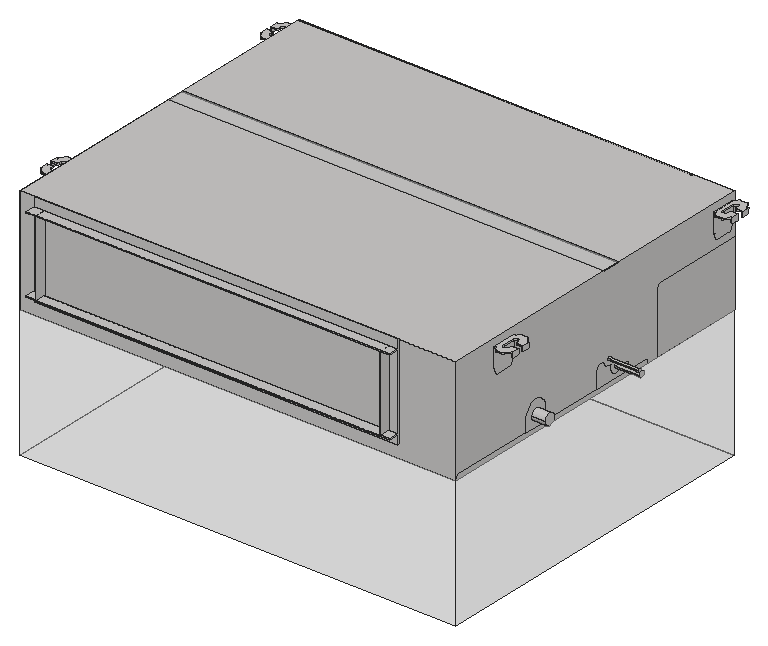
Revit family "outputfile", category 機械設備, Revit 2024
Family settings
  丸型コネクタ寸法 = 半径を使用
  パーツ タイプ = 標準
  OmniClass 番号 = 23.75.10.24.21.27.27
  OmniClass タイトル = Split System Air Conditioning Units
  作業面ベース = いいえ
  常に垂直 = はい
  ロード時にボイドで切り取り = いいえ
  注釈の向きを維持 = いいえ
  共有 = いいえ
  部屋計算ポイント = はい
Parameters (values of type "FDBF18EV2S")
  書き出し IFC クラス(タイプ) = "IfcUnitaryEquipmentType"
  定義済み IFC タイプ(タイプ) = "AIRCONDITIONINGUNIT"
  switch_frequency = yes
  ra duct size width = 0 mm
  ra duct size height [instance] = if(Rear Connection_Return Air, 203 mm, 204 mm)  # 203 mm
  lw_duct size width = 904 mm
  connector_voltage = Voltage_50Hz  # 220 V
  connector_powerinput = [Power Input (Cooling)]  # 1.680 kW
  connector_phase = Phase_50Hz  # 1
  RA_length [instance] = if(Rear Connection_Return Air, 126 mm, 125.5 mm)  # 126 mm
  angle_drainpipe [instance] = if(Right Connection_refrigerant, 90.00°, 270.00°)  # 90.00°
  angle_gaspipe [instance] = if(Right Connection_refrigerant, 90.00°, 270.00°)  # 90.00°
  angle_liquidpipe [instance] = if(Right Connection_refrigerant, 90.00°, 270.00°)  # 90.00°
  angle_Return Air [instance] = if(Rear Connection_Return Air, 90.00°, 0.00°)  # 90.00°
  Right Connection_refrigerant [instance] = yes
  Rear Connection_Return Air [instance] = not(Bottom Connection_Return Air)  # yes
  製造元 = "Daikin"
  モデル = "FDBF18EV2S"
  r_Liquid Pipe Size = Liquid Pipe Size / 2  # 3.2 mm
  r_Gas Pipe Size = Gas Pipe Size / 2  # 6.35 mm
  r_Drain Pipe Size = Drain Pipe Size / 2  # 12.5 mm
  lw_power = 60 mm  # constant formula
  lh_power = 30 mm  # constant formula
  ld_power = Depth / 2  # 400 mm
  Voltage_comment_50Hz = "220 - 240"
  Voltage_50Hz = 220 V
  Supply Air Direction [instance] = yes
  Phase_50Hz = 1
  Minimum External Static Pressure = 15.00 Pa
  Maximum External Static Pressure = 38.00 Pa
  Material_Casing = DAIKIN_GalvanizedSteel_Casing_indoorunit
  lw_mountinghole = 1038 mm
  lh_gaspipe = 22 mm  # constant formula
  lh_mountinghole = 230 mm  # constant formula
  lh_liquidpipe = 185 mm  # constant formula
  lh_drainpipe = 207 mm  # constant formula
  lh_antena = (Height - lh_mountinghole) + 1 mm  # 16 mm
  ld_drainpipe = 228 mm  # constant formula
  ld_liquidpipe = 438 mm  # constant formula
  ld_gaspipe = 22 mm  # constant formula
  ld_mountinghole = 0 mm
  h*** = 0 mm
  lw_liquidpipe = 571 mm
  lw_gaspipe = 558 mm
  lw_drainpipe = 533 mm
  Width = 1000 mm
  Version = "ver.1.0"
  Unit Type = "Duct"
  Unit Mass Weight = 36.00 kg
  Unit Designation [instance] = ""
  Uniclass2015Version = "Products v1.30"
  Uniclass2015Title = "Split coil room air conditioning units"
  Uniclass2015Code = "Pr_70_65_03_86"
  Total Cooling Capacity [instance] = 0.000 kW
  Sound Pressure Level_M speed (dBA) = 35
  Sound Pressure Level_L speed (dBA) = 33
  Sound Pressure Level_H speed (dBA) = 39
  Series = "SkyAir_Fan Coil Unit"
  Sensible Cooling Capacity [instance] = 0.000 kW
  SA Duct Size Width = 790 mm
  SA Duct Size Height = 174 mm
  Refrigerant Type = "R32"
  RA Duct Size Width = 863 mm
  RA Duct Size Height = 203 mm
  Power Input (Cooling) = 1.680 kW
  Option Accessory 3 [instance] = ""
  Option Accessory 2 [instance] = ""
  Option Accessory 1 [instance] = ""
  Nominal Cooling Capacity = 5.300 kW
  Minimum Airflow = 1050.00 m³/h
  Median Airflow = 1200.00 m³/h
  Maximum Airflow = 1350.00 m³/h
  Load Classification = HVAC
  Liquid Pipe Size = 6.4 mm
  Link_Nested Family [instance] = ""
  Left Connection_refrigerant [instance] = not(Right Connection_refrigerant)  # no
  IfcVersion = ""
  IfcExportType = "AIRCONDITIONINGUNIT"
  IfcExportAs = "IfcUnitaryEquipmentType"
  Height = 245 mm
  Heat Exchanger Type = "Cross Fin Coil"
  Gas Pipe Size = 12.7 mm
  Frequency_50Hz = 50 Hz
  Fan Type = "Sirocco Fan"
  Fan Drive = "Direct Drive"
  FCU Tag No. [instance] = ""
  Drain Pipe Size = 25.0 mm
  Design Supply Airflow [instance] = 0.00 m³/h
  Design Return Airflow [instance] = 0.00 m³/h
  Design External Static Pressure [instance] = 0.00 Pa
  Depth = 800 mm
  既定の高さ = 0 mm
  Cooling Entering Wet Bulb Temperature [instance] = 0.00 °C
  Cooling Entering Dry Bulb Temperature [instance] = 0.00 °C
  Cooling Ambient Wet Bulb Temperature [instance] = 0.00 °C
  Cooling Ambient Dry Bulb Temperature [instance] = 0.00 °C
  Clearance visibility [instance] = yes
  Clearance Top = 0 mm
  Clearance Right = 0 mm
  Clearance Rear = 0 mm
  Clearance Left = 0 mm
  Clearance Front = 0 mm
  Clearance Bottom = 300 mm
  Bottom Connection_Return Air [instance] = no
Reference planes
  plane 1 "Center (Front/Back)": y = 0
  plane 2 "h": z = 0
  plane 3 "Center (Left/Right)": x = 0
  plane 4 "Back": y = 400
  plane 5 "Front": y = -400
  plane 6 "Left": x = -500
  plane 7 "Right": x = 500
  plane 8 "Top": z = 0
  plane 9 "Bottom": z = -245
  plane 10: y = 400
  plane 11: y = -400
  plane 12: x = -500
  plane 13: x = 500
  plane 14: z = 0
  plane 15: z = -545
  plane 16: y = 364
  plane 17: y = -266
  plane 18: z = -15
  plane 19: x = -467
  plane 20: x = -558
  plane 21: x = 558
  plane 22: x = -571
  plane 23: x = 571
  plane 24: y = 38
  plane 25: y = 60
  plane 26: y = -172
  plane 27: z = -207
  plane 28: z = -207
  plane 29: z = -185
  plane 30: x = -533
  plane 31: x = 533
  plane 32: x = 404.5
  plane 33: x = -499.5
  plane 34: y = 151.5
  plane 35: z = -215
  plane 36: x = 440
  plane 37: x = -47.5
  plane 38: y = 274
  plane 39: z = -119.5
  plane 40: x = -519
  plane 41: x = 519
Forms (mm)
  Extrusion 1, solid, material "DAIKIN_GalvanizedSteel_Casing_indoorunit" <- "Material_Casing"
    sketch origin (0, 0, 0) x (1, 0, 0) y (0, 1, 0)
      loop
        line (-500, 400) -> (-500, -400) -> (500, -400) -> (500, 400) -> (-500, 400)
    from -245 to 0
  Extrusion 2, solid, material "DAIKIN_GalvanizedSteel_Casing_indoorunit" <- "Material_Casing", visible <- "Right Connection_refrigerant"
    sketch origin (500, 0, 0) x (0, 1, 0) y (0, 0, 1)
      loop
        circle (-172, -207) r 12.5
    from 0 to 33
  Extrusion 3, solid, material "DAIKIN_GalvanizedSteel_Casing_indoorunit" <- "Material_Casing", visible <- "Left Connection_refrigerant"
    sketch origin (-500, 0, 0) x (0, 1, 0) y (0, 0, 1)
      loop
        circle (-172, -207) r 12.5
    from 0 to -33
  Extrusion 4, solid, material "DAIKIN_GalvanizedSteel_Casing_indoorunit" <- "Material_Casing", visible <- "Right Connection_refrigerant"
    sketch origin (500, 0, 0) x (0, 1, 0) y (0, 0, 1)
      loop
        circle (38, -185) r 3.2
    from 0 to 71
  Extrusion 5, solid, material "DAIKIN_GalvanizedSteel_Casing_indoorunit" <- "Material_Casing", visible <- "Right Connection_refrigerant"
    sketch origin (500, 0, 0) x (0, 1, 0) y (0, 0, 1)
      loop
        circle (60, -207) r 6.35
    from 0 to 58
  Extrusion 6, solid, material "DAIKIN_GalvanizedSteel_Casing_indoorunit" <- "Material_Casing", visible <- "Left Connection_refrigerant"
    sketch origin (-500, 0, 0) x (0, 1, 0) y (0, 0, 1)
      loop
        circle (60, -207) r 6.35
    from 0 to -58
  Extrusion 7, solid, material "DAIKIN_GalvanizedSteel_Casing_indoorunit" <- "Material_Casing", visible <- "Left Connection_refrigerant"
    sketch origin (-500, 0, 0) x (0, 1, 0) y (0, 0, 1)
      loop
        circle (38, -185) r 3.2
    from 0 to -71
  Extrusion 8, solid, material "DAIKIN_GalvanizedSteel_Casing_indoorunit" <- "Material_Casing", visible <- "Right Connection_refrigerant"
    sketch origin (500, 0, 0) x (0, 1, 0) y (0, 0, 1)
      loop
        line (22.284, -188) -> (7.5, -188)
        arc (7.5, -188) -> (5.379, -188.879) -> (4.5, -191) r 3
        line (4.5, -191) -> (4.5, -232)
        arc (4.5, -232) -> (5.379, -234.121) -> (7.5, -235) r 3
        line (7.5, -235) -> (91, -235)
        arc (91, -235) -> (93.121, -234.121) -> (94, -232) r 3
        line (94, -232) -> (94, -220)
        arc (94, -220) -> (93.121, -217.879) -> (91, -217) r 3
        line (91, -217) -> (75.564, -217)
        arc (75.564, -217) -> (51.595, -223.481) -> (42.766, -200.274) r 18.5
        arc (42.766, -200.274) -> (29.776, -198.725) -> (22.284, -188) r 16
    from 0 to -1
  Extrusion 9, solid, material "DAIKIN_GalvanizedSteel_Casing_indoorunit" <- "Material_Casing", visible <- "Left Connection_refrigerant"
    sketch origin (-500, 0, 0) x (0, 1, 0) y (0, 0, 1)
      loop
        line (22.284, -188) -> (7.5, -188)
        arc (7.5, -188) -> (5.379, -188.879) -> (4.5, -191) r 3
        line (4.5, -191) -> (4.5, -232)
        arc (4.5, -232) -> (5.379, -234.121) -> (7.5, -235) r 3
        line (7.5, -235) -> (91, -235)
        arc (91, -235) -> (93.121, -234.121) -> (94, -232) r 3
        line (94, -232) -> (94, -220)
        arc (94, -220) -> (93.121, -217.879) -> (91, -217) r 3
        line (91, -217) -> (75.564, -217)
        arc (75.564, -217) -> (51.595, -223.481) -> (42.766, -200.274) r 18.5
        arc (42.766, -200.274) -> (29.776, -198.725) -> (22.284, -188) r 16
    from 0 to 1
  Extrusion 10, solid, material "DAIKIN_GalvanizedSteel_Casing_indoorunit" <- "Material_Casing", visible <- "Right Connection_refrigerant"
    sketch origin (500, 0, 0) x (0, 1, 0) y (0, 0, 1)
      loop
        line (-199.5, -235) -> (-144.5, -235) -> (-144.5, -204.7)
        arc (-144.5, -204.7) -> (-152.555, -185.255) -> (-172, -177.2) r 27.5
        arc (-172, -177.2) -> (-191.445, -185.255) -> (-199.5, -204.7) r 27.5
        line (-199.5, -204.7) -> (-199.5, -235)
    from 0 to -1
  Extrusion 11, solid, material "DAIKIN_GalvanizedSteel_Casing_indoorunit" <- "Material_Casing", visible <- "Left Connection_refrigerant"
    sketch origin (-500, 0, 0) x (0, 1, 0) y (0, 0, 1)
      loop
        line (-199.5, -235) -> (-144.5, -235) -> (-144.5, -204.7)
        arc (-144.5, -204.7) -> (-152.555, -185.255) -> (-172, -177.2) r 27.5
        arc (-172, -177.2) -> (-191.445, -185.255) -> (-199.5, -204.7) r 27.5
        line (-199.5, -204.7) -> (-199.5, -235)
    from 0 to 1
  Extrusion 12, solid, material "DAIKIN_GalvanizedSteel_Casing_indoorunit" <- "Material_Casing", visible <- "Right Connection_refrigerant"
    sketch origin (500, 0, 0) x (0, 1, 0) y (0, 0, 1)
      loop
        line (400, -245) -> (400, -95.5) -> (182, -95.5)
        arc (182, -95.5) -> (179.879, -96.379) -> (179, -98.5) r 3
        line (179, -98.5) -> (179, -245) -> (400, -245)
    from 0 to -1
  Extrusion 13, solid, material "DAIKIN_GalvanizedSteel_Casing_indoorunit" <- "Material_Casing", visible <- "Bottom Connection_Return Air"
    sketch origin (0, 400, 0) x (-1, 0, 0) y (0, 0, 1)
      loop
        line (-404.5, 0) -> (-404.5, -245) -> (499.5, -245) -> (499.5, 0) -> (-404.5, 0)
    from 0 to -1
  Extrusion 14, solid, material "DAIKIN_GalvanizedSteel_Casing_indoorunit" <- "Material_Casing", visible <- "Rear Connection_Return Air"
    sketch origin (0, 0, -245) x (-1, 0, 0) y (0, -1, 0)
      loop
        line (499.5, -400) -> (499.5, -151.5) -> (-404.5, -151.5) -> (-404.5, -400) -> (499.5, -400)
    from 0 to 1
  Extrusion 15, solid, material "DAIKIN_GalvanizedSteel_Casing_indoorunit" <- "Material_Casing", visible <- "Right Connection_refrigerant"
    sketch origin (500, 0, 0) x (0, 1, 0) y (0, 0, 1)
      loop
        arc (-397, -235) -> (-399.121, -235.879) -> (-400, -238) r 3
        line (-400, -238) -> (-400, -245) -> (147.5, -245) -> (147.5, -238)
        arc (147.5, -238) -> (146.621, -235.879) -> (144.5, -235) r 3
        line (144.5, -235) -> (-397, -235)
    from 0 to -1
  Extrusion 16, solid, material "DAIKIN_GalvanizedSteel_Casing_indoorunit" <- "Material_Casing", visible <- "Left Connection_refrigerant"
    sketch origin (-500, 0, 0) x (0, 1, 0) y (0, 0, 1)
      loop
        arc (-397, -235) -> (-399.121, -235.879) -> (-400, -238) r 3
        line (-400, -238) -> (-400, -245) -> (147.5, -245) -> (147.5, -238)
        arc (147.5, -238) -> (146.621, -235.879) -> (144.5, -235) r 3
        line (144.5, -235) -> (-397, -235)
    from 0 to 1
  Extrusion 17, solid, material "DAIKIN_GalvanizedSteel_Casing_indoorunit" <- "Material_Casing", visible <- "Left Connection_refrigerant"
    sketch origin (-500, 0, 0) x (0, 1, 0) y (0, 0, 1)
      loop
        line (400, -245) -> (400, -95.5) -> (182, -95.5)
        arc (182, -95.5) -> (179.879, -96.379) -> (179, -98.5) r 3
        line (179, -98.5) -> (179, -245) -> (400, -245)
    from 0 to 1
  Extrusion 18, void
    sketch origin (0, 0, 0) x (-1, 0, 0) y (0, -1, 0)
      loop
        line (500, -66.5) -> (500, -25) -> (-500, -25) -> (-500, -66.5) -> (500, -66.5)
    from 0 to -1
Cuts and joins
  Extrusion 18 cuts Extrusion 1
Dimensions and locks
  "Height": plane 8 "Top" to plane 9 "Bottom"
  equal spacing: plane 4 "Back", plane 1 "Center (Front/Back)", plane 5 "Front"
  "Depth": plane 4 "Back" to plane 5 "Front"
  equal spacing: plane 6 "Left", plane 3 "Center (Left/Right)", plane 7 "Right"
  "Width": plane 6 "Left" to plane 7 "Right"
  "Clearance Left": plane 12 to plane 6 "Left"
  "Clearance Right": plane 7 "Right" to plane 13
  "Clearance Rear": plane 10 to plane 4 "Back"
  "Clearance Front": plane 5 "Front" to plane 11
  "Clearance Top": plane 14 to plane 8 "Top"
  "Clearance Bottom": plane 9 "Bottom" to plane 15
  locked: plane 4 "Back" to plane 16 at 36
  locked: plane 17 to plane 5 "Front" at 134
  locked: plane 6 "Left" to plane 19 at 33
  "ld_liquidpipe": plane 24 to plane 5 "Front"
  "ld_drainpipe": plane 26 to plane 5 "Front"
  "ld_gaspipe": plane 25 to plane 24
  "lh_drainpipe": plane 8 "Top" to plane 28
  "lh_liquidpipe": plane 8 "Top" to plane 29
  "lh_gaspipe": plane 29 to plane 27
  locked: plane 7 "Right" to plane 32 at 95.5
  locked: plane 33 to plane 6 "Left" at 0.5
  locked: plane 4 "Back" to plane 34 at 248.5
  "lw_drainpipe": plane 3 "Center (Left/Right)" to plane 31
  "lw_drainpipe": plane 30 to plane 3 "Center (Left/Right)"
  "lw_gaspipe": plane 3 "Center (Left/Right)" to plane 21
  "lw_gaspipe": plane 20 to plane 3 "Center (Left/Right)"
  "lw_liquidpipe": plane 3 "Center (Left/Right)" to plane 23
  "lw_liquidpipe": plane 22 to plane 3 "Center (Left/Right)"
  "lw_power": plane 7 "Right" to plane 36
  "lh_power": plane 9 "Bottom" to plane 35
  equal spacing: plane 33, plane 37, plane 32
  locked: plane 4 "Back" to plane 38 at 126
  locked: plane 9 "Bottom" to plane 39 at 125.5
  equal spacing: plane 40, plane 3 "Center (Left/Right)", plane 41
  "lw_mountinghole": plane 40 to plane 41
  "lh_mountinghole": plane 18 to plane 9 "Bottom"
  locked: Extrusion 18 sketch curve to Extrusion 18 sketch curve at 41.5
  locked: plane 1 "Center (Front/Back)" to Extrusion 18 sketch curve at 25
  "r_Drain Pipe Size": radius of Extrusion 2 sketch curve
  "r_Drain Pipe Size": radius of Extrusion 3 sketch curve
  "r_Liquid Pipe Size": radius of Extrusion 4 sketch curve
  "r_Gas Pipe Size": radius of Extrusion 5 sketch curve
  "r_Gas Pipe Size": radius of Extrusion 6 sketch curve
  "r_Liquid Pipe Size": radius of Extrusion 7 sketch curve
  aligned and locked: level to plane 2 "h"
  aligned and locked: plane 8 "Top" to Extrusion 1
  aligned and locked: Extrusion 1 to plane 9 "Bottom"
  aligned and locked: nested 2 to plane 11
  aligned and locked: plane 12 to nested 2
  aligned and locked: plane 13 to nested 2
  aligned and locked: nested 2 to plane 12
  aligned and locked: plane 10 to nested 2
  aligned and locked: plane 14 to nested 2
  aligned and locked: plane 15 to nested 2
  aligned and locked: plane 5 "Front" to Extrusion 1 sketch curve
  aligned and locked: level to plane 8 "Top"
  aligned and locked: nested 3 to plane 6 "Left"
  aligned and locked: nested 6 to plane 6 "Left"
  aligned and locked: plane 7 "Right" to nested 5
  aligned and locked: plane 7 "Right" to nested 4
  aligned and locked: nested 3 to plane 16
  aligned and locked: plane 16 to nested 4
  aligned and locked: plane 17 to nested 6
  aligned and locked: nested 5 to plane 17
  aligned and locked: plane 18 to nested 3
  aligned and locked: plane 18 to nested 6
  aligned and locked: plane 18 to nested 4
  aligned and locked: plane 18 to nested 5
  aligned and locked: nested 7 to plane 5 "Front"
  aligned and locked: nested 7 to plane 19
  aligned and locked: plane 28 to Extrusion 2 sketch curve
  aligned and locked: plane 26 to Extrusion 2 sketch curve
  aligned and locked: plane 31 to Extrusion 2
  aligned and locked: plane 28 to Extrusion 3 sketch curve
  aligned and locked: plane 26 to Extrusion 3 sketch curve
  aligned and locked: Extrusion 3 to plane 30
  aligned and locked: plane 29 to Extrusion 4 sketch curve
  aligned and locked: plane 24 to Extrusion 4 sketch curve
  aligned and locked: plane 23 to Extrusion 4
  aligned and locked: plane 28 to Extrusion 5 sketch curve
  aligned and locked: plane 25 to Extrusion 5 sketch curve
  aligned and locked: plane 21 to Extrusion 5
  aligned and locked: plane 28 to Extrusion 6 sketch curve
  aligned and locked: plane 25 to Extrusion 6 sketch curve
  aligned and locked: Extrusion 6 to plane 20
  aligned and locked: plane 29 to Extrusion 7 sketch curve
  aligned and locked: plane 24 to Extrusion 7 sketch curve
  aligned and locked: Extrusion 7 to plane 22
  aligned and locked: Extrusion 13 to plane 33
  aligned and locked: plane 32 to Extrusion 13
  aligned and locked: plane 8 "Top" to Extrusion 13
  aligned and locked: Extrusion 13 to plane 9 "Bottom"
  aligned and locked: Extrusion 14 to plane 33
  aligned and locked: plane 32 to Extrusion 14
  aligned and locked: Extrusion 14 to plane 34
  aligned and locked: plane 4 "Back" to Extrusion 14
  aligned and locked: nested 8 to plane 4 "Back"
  aligned and locked: nested 8 to plane 33
  aligned and locked: plane 8 "Top" to nested 8
  aligned and locked: nested 9 to plane 34
  aligned and locked: plane 4 "Back" to nested 9
  aligned and locked: plane 32 to nested 9
  aligned and locked: nested 9 to plane 9 "Bottom"
  aligned and locked: nested 10 to plane 26
  aligned and locked: plane 3 "Center (Left/Right)" to nested 10
  aligned and locked: nested 10 to plane 28
  aligned and locked: nested 11 to plane 24
  aligned and locked: plane 3 "Center (Left/Right)" to nested 11
  aligned and locked: nested 11 to plane 29
  aligned and locked: nested 12 to plane 25
  aligned and locked: plane 3 "Center (Left/Right)" to nested 12
  aligned and locked: nested 12 to plane 28
  aligned and locked: nested 13 to plane 35
  aligned and locked: nested 13 to plane 36
  aligned and locked: nested 13 to plane 1 "Center (Front/Back)"
  aligned and locked: plane 37 to nested 14
  aligned and locked: nested 14 to plane 38
  aligned and locked: plane 38 to nested 14  (x2)
  aligned and locked: plane 40 to nested 15
  aligned and locked: plane 17 to nested 15
  aligned and locked: plane 40 to nested 16
  aligned and locked: nested 16 to plane 16
  aligned and locked: plane 41 to nested 18
  aligned and locked: plane 17 to nested 18
  aligned and locked: plane 41 to nested 17
  aligned and locked: nested 17 to plane 16
  aligned and locked: plane 1 "Center (Front/Back)" to nested 1
  aligned and locked: plane 3 "Center (Left/Right)" to nested 1
  aligned and locked: plane 6 "Left" to Extrusion 18 sketch curve
  aligned and locked: Extrusion 18 sketch curve to plane 7 "Right"
  aligned and locked: plane 8 "Top" to nested 7
Automatic sketch dimensions
  Extrusion 1 sketch curve to plane 6 "Left" = 0 mm
  Extrusion 1 sketch curve to plane 7 "Right" = 0 mm
  Extrusion 1 sketch curve to plane 4 "Back" = 0 mm
  Extrusion 8 sketch curve to plane 24 = 0 mm
  Extrusion 8 sketch curve to plane 25 = 0 mm
  Extrusion 8 sketch curve to plane 27 = 0 mm
  Extrusion 8 sketch curve to plane 29 = 0 mm
  Extrusion 8 sketch curve to plane 29 = 3 mm
  Extrusion 8 sketch curve to plane 24 = 15.716 mm
  Extrusion 8 sketch curve to plane 1 "Center (Front/Back)" = 7.5 mm  (x2)
  Extrusion 8 sketch curve to Extrusion 8 sketch curve = 3 mm
  Extrusion 8 sketch curve to plane 35 = 2 mm
  plane 25 to Extrusion 8 sketch curve = 15.564 mm
  plane 9 "Bottom" to Extrusion 8 sketch curve = 10 mm
  Extrusion 8 sketch curve to Extrusion 8 sketch curve = 15.436 mm
  Extrusion 8 sketch curve to plane 35 = 5 mm
  Extrusion 8 sketch curve to Extrusion 8 sketch curve = 0 mm
  Extrusion 9 sketch curve to plane 24 = 0 mm
  Extrusion 9 sketch curve to plane 25 = 0 mm
  Extrusion 9 sketch curve to plane 27 = 0 mm
  Extrusion 9 sketch curve to plane 29 = 0 mm
  Extrusion 9 sketch curve to plane 29 = 3 mm
  Extrusion 9 sketch curve to plane 24 = 15.716 mm
  Extrusion 9 sketch curve to plane 1 "Center (Front/Back)" = 7.5 mm  (x2)
  Extrusion 9 sketch curve to Extrusion 9 sketch curve = 3 mm
  Extrusion 9 sketch curve to plane 35 = 2 mm
  plane 25 to Extrusion 9 sketch curve = 15.564 mm
  plane 9 "Bottom" to Extrusion 9 sketch curve = 10 mm
  Extrusion 9 sketch curve to Extrusion 9 sketch curve = 15.436 mm
  Extrusion 9 sketch curve to plane 35 = 5 mm
  Extrusion 9 sketch curve to Extrusion 9 sketch curve = 0 mm
  Extrusion 10 sketch curve to Extrusion 10 sketch curve = 0 mm  (x2)
  Extrusion 10 sketch curve to plane 26 = 0 mm
  plane 9 "Bottom" to Extrusion 10 sketch curve = 10 mm
  Extrusion 10 sketch curve to plane 26 = 27.5 mm
  plane 27 to Extrusion 10 sketch curve = 2.3 mm
  Extrusion 11 sketch curve to Extrusion 11 sketch curve = 0 mm  (x2)
  Extrusion 11 sketch curve to plane 26 = 0 mm
  plane 9 "Bottom" to Extrusion 11 sketch curve = 10 mm
  Extrusion 11 sketch curve to plane 26 = 27.5 mm
  plane 27 to Extrusion 11 sketch curve = 2.3 mm
  Extrusion 12 sketch curve to plane 9 "Bottom" = 0 mm
  Extrusion 12 sketch curve to plane 4 "Back" = 0 mm
  plane 34 to Extrusion 12 sketch curve = 30.5 mm
  Extrusion 12 sketch curve to Extrusion 12 sketch curve = 3 mm
  plane 39 to Extrusion 12 sketch curve = 21 mm
  Extrusion 13 sketch curve to plane 9 "Bottom" = 0 mm
  Extrusion 13 sketch curve to plane 32 = 0 mm
  Extrusion 13 sketch curve to plane 33 = 0 mm
  Extrusion 13 sketch curve to level = 0 mm
  Extrusion 14 sketch curve to plane 4 "Back" = 0 mm
  Extrusion 14 sketch curve to plane 32 = 0 mm
  Extrusion 14 sketch curve to plane 33 = 0 mm
  Extrusion 14 sketch curve to plane 34 = 0 mm
  Extrusion 15 sketch curve to plane 5 "Front" = 0 mm
  Extrusion 15 sketch curve to plane 9 "Bottom" = 0 mm
  Extrusion 15 sketch curve to Extrusion 15 sketch curve = 3 mm
  Extrusion 15 sketch curve to plane 34 = 7 mm
  Extrusion 15 sketch curve to plane 34 = 4 mm
  Extrusion 15 sketch curve to Extrusion 15 sketch curve = 7 mm
  Extrusion 16 sketch curve to plane 5 "Front" = 0 mm
  Extrusion 16 sketch curve to plane 9 "Bottom" = 0 mm
  Extrusion 16 sketch curve to Extrusion 16 sketch curve = 3 mm
  Extrusion 16 sketch curve to plane 34 = 7 mm
  Extrusion 16 sketch curve to plane 34 = 4 mm
  plane 9 "Bottom" to Extrusion 16 sketch curve = 7 mm
  Extrusion 17 sketch curve to plane 9 "Bottom" = 0 mm
  Extrusion 17 sketch curve to plane 4 "Back" = 0 mm
  plane 34 to Extrusion 17 sketch curve = 30.5 mm
  Extrusion 17 sketch curve to Extrusion 17 sketch curve = 3 mm
  plane 39 to Extrusion 17 sketch curve = 21 mm
Nested families
  nested 1: "daikin_△_symbolicline" at (0, 0, 245), built-in parameter 1001364 <- "Height", visible <- "Supply Air Direction", type "daikin_△_symbolicline"
    with length 200 mm
  nested 2: "daikin_clearancespace" at (0, 0, -272.381), visible <- "Clearance visibility", show <- "Clearance visibility", Link_Nested Family <- "Link_Nested Family", type "daikin_clearancespace"
    with width 1000 mm, show yes, height 545 mm, depth 800 mm, Link_Nested Family ""
  nested 3: "daikin_hangerfixture_FDBF-EV2S" at (-500, 364, -15) x (0, -1, 0) z (0, 0, 1), type "daikin_hangerfixture_FDBF-EV2S"
  nested 4: "daikin_hangerfixture_FDBF-EV2S" at (500, 364, -15) x (0, 1, 0) z (0, 0, 1), type "daikin_hangerfixture_FDBF-EV2S"
  nested 5: "daikin_hangerfixture_FDBF-EV2S" at (500, -266, -15) x (0, 1, 0) z (0, 0, 1), type "daikin_hangerfixture_FDBF-EV2S"
  nested 6: "daikin_hangerfixture_FDBF-EV2S" at (-500, -266, -15) x (0, -1, 0) z (0, 0, 1), type "daikin_hangerfixture_FDBF-EV2S"
  nested 7: "daikin_ductflange_FDBF-EV2S_2" at (-49.5, -400, -108), type "daikin_ductflange_FDBF-EV2S_2"
    with width 835 mm, w 1000 mm
  nested 8: "daikin_ductflange_FDBF-EV2S" at (-47.5, 400, -122.5), width <- "lw_duct size width", visible <- "Rear Connection_Return Air", material <- "Material_Casing", type "daikin_ductflange_FDBF-EV2S"
    with width 904 mm, material DAIKIN_GalvanizedSteel_Casing_indoorunit, height 245 mm, depth 1 mm
  nested 9: "daikin_ductflange_FDBF-EV2S_1" at (-47.5, 275.75, -244) x (1, 0, 0) z (0, -1, 0), width <- "lw_duct size width", visible <- "Bottom Connection_Return Air", material <- "Material_Casing", type "daikin_ductflange_FDBF-EV2S_1"
    with width 904 mm, material DAIKIN_GalvanizedSteel_Casing_indoorunit, height 248.5 mm, depth 1 mm
  nested 10: "daikin_connector_rotate3" at (0, -172, -207), length <- "lw_drainpipe", radius <- "r_Drain Pipe Size", angle_vertical <- "angle_drainpipe", type "daikin_connector_rotate3"
    with show no, radius 12.5 mm, length 533 mm, angle_vertical 90.00°, angle_horizontal 90.00°
  nested 11: "daikin_connector_rotate3" at (0, 38, -185), length <- "lw_liquidpipe", radius <- "r_Liquid Pipe Size", angle_vertical <- "angle_liquidpipe", type "daikin_connector_rotate3"
    with show no, radius 3.2 mm, length 571 mm, angle_vertical 90.00°, angle_horizontal 90.00°
  nested 12: "daikin_connector_rotate3" at (0, 60, -207), length <- "lw_gaspipe", radius <- "r_Gas Pipe Size", angle_vertical <- "angle_gaspipe", type "daikin_connector_rotate3"
    with show no, radius 6.35 mm, length 558 mm, angle_vertical 90.00°, angle_horizontal 90.00°
  nested 13: "daikin_connector_rotate2" at (440, 0, -215) x (-1, 0, 0) z (0, 0, 1), length <- "ld_power", type "daikin_connector_rotate2"
    with radius 10 mm, length 400 mm, angle_vertical 90.00°
  nested 14: "daikin_connector_rotate3" at (-47.5, 274, -119.5), angle_vertical <- "angle_Return Air", length <- "RA_length", type "daikin_connector_rotate3"
    with show no, radius 10 mm, length 126 mm, angle_vertical 90.00°, angle_horizontal 180.00°
  nested 15: "daikin_mountinghole" at (-519, -266, -245), h_mountinghole <- "lh_mountinghole", l_antenna <- "lh_antena", Link_Nested Family <- "Link_Nested Family", type "daikin_mountinghole"
    with show yes, l_antenna 16 mm, h_mountinghole 230 mm, Link_Nested Family ""
  nested 16: "daikin_mountinghole" at (-519, 364, -245), h_mountinghole <- "lh_mountinghole", l_antenna <- "lh_antena", Link_Nested Family <- "Link_Nested Family", type "daikin_mountinghole"
    with show yes, l_antenna 16 mm, h_mountinghole 230 mm, Link_Nested Family ""
  nested 17: "daikin_mountinghole" at (519, 364, -245), h_mountinghole <- "lh_mountinghole", l_antenna <- "lh_antena", type "daikin_mountinghole"
    with show yes, l_antenna 16 mm, h_mountinghole 230 mm, Link_Nested Family ""
  nested 18: "daikin_mountinghole" at (519, -266, -245), h_mountinghole <- "lh_mountinghole", l_antenna <- "lh_antena", type "daikin_mountinghole"
    with show yes, l_antenna 16 mm, h_mountinghole 230 mm, Link_Nested Family ""
Connectors
  hvac at (-49.5, -425, -108), driven by "SA Duct Size Height", driven by "SA Duct Size Width"
    settings: on nested 7, index 1, duct flow 0.00 m³/h, flow factor 0, pres drop 0.00 Pa, loss coef 0, conn angle 0.00°, conn width 790.0 mm, conn height 174.0 mm, conn diameter 609.6 mm, duct sys type 1, conn prof type 1, flow config 0, flow direction 2, loss method 4, conn ref index -1, conn util no, is conn primary yes, conn desc "SA Duct"
  piping at (558, 60, -207), diameter 12.7, driven by "r_Gas Pipe Size"
    settings: on nested 12, index 4, connector inside diameter 609.6 mm, connector length 0 mm, flow factor 0, pipe flow 0.00 m³/h, pressure drop 0.0 Pa, fitting loss kfactor 0, connector angle 0.00°, fixture units 0, engagement length 0 mm, angle of deflection 0.00°, flow configuration 1, flow direction 2, fitting loss method 0, system type 29, joint type 0, gender type 0, connector reference index -1, connector utility 0, adjustable connector no, is connector primary yes, connector description "Refrigerant Gas Piping"
  piping at (571, 38, -185), diameter 6.4, driven by "r_Liquid Pipe Size"
    settings: on nested 11, index 5, connector inside diameter 609.6 mm, connector length 0 mm, flow factor 0, pipe flow 0.00 m³/h, pressure drop 0.0 Pa, fitting loss kfactor 0, connector angle 0.00°, fixture units 0, engagement length 0 mm, angle of deflection 0.00°, flow configuration 1, flow direction 1, fitting loss method 0, system type 29, joint type 0, gender type 0, connector reference index -1, connector utility 0, adjustable connector no, is connector primary no, connector description "Refrigerant Liquid Piping"
  piping at (533, -172, -207), diameter 25, driven by "r_Drain Pipe Size"
    settings: on nested 10, index 6, connector inside diameter 609.6 mm, connector length 0 mm, flow factor 0, pipe flow 0.00 m³/h, pressure drop 0.0 Pa, fitting loss kfactor 0, connector angle 0.00°, fixture units 0, engagement length 0 mm, angle of deflection 0.00°, flow configuration 1, flow direction 2, fitting loss method 4, system type 16, joint type 0, gender type 0, connector reference index -1, connector utility 0, adjustable connector no, is connector primary no, connector description "Condensate Drain Piping"
  hvac at (-47.5, 400, -119.5), driven by "ra duct size height", driven by "RA Duct Size Width"
    settings: on nested 14, index 7, duct flow 0.00 m³/h, flow factor 0, pres drop 0.00 Pa, loss coef 0, conn angle 0.00°, conn width 863.0 mm, conn height 203.0 mm, conn diameter 609.6 mm, duct sys type 2, conn prof type 1, flow config 0, flow direction 1, loss method 4, conn ref index -1, conn util no, is conn primary no, conn desc "RA Duct"
  electrical at (440, 400, -215), driven by "Load Classification", driven by "connector_powerinput", driven by "connector_voltage", driven by "connector_phase"
    settings: on nested 13, index 8, voltage 220 V, apparent load 1680 VA, apparent load phase1 0 VA, apparent load phase2 0 VA, apparent load phase3 0 VA, power factor 1, load classification "HVAC", number of poles 1, system type 30, power factor state 1, is connector primary yes, connector utility no, sub classification motor no, connector description "Power Supply"
Definition of nested family "daikin_clearancespace"
  Parameters (values of type "daikin_clearancespace")
    Description = "daikin_clearancespace"
    width [instance] = 1823.963 mm
    show [instance] = yes
    material = none
    height [instance] = 1359.762 mm
    depth [instance] = 880 mm
    Default Elevation = 0 mm
    Link_Nested Family [instance] = ""
  Reference planes
    plane 1 "Center (Front/Back)": y = 0
    plane 2 "Center (Elevation)": z = -0.119
    plane 3 "Center (Left/Right)": x = 0
    plane 4: y = 440
    plane 5: y = -440
    plane 6 "Right": x = 911.982
    plane 7 "Left": x = -911.982
    plane 8 "Top": z = 679.762
    plane 9 "Bottom": z = -680
  Forms (mm)
    Extrusion 1, solid, material <- "material", visible <- "show"
      sketch origin (0, 0, 0) x (1, 0, 0) y (0, 1, 0)
        loop
          line (-911.982, 440) -> (-911.982, -440) -> (911.982, -440) -> (911.982, 440) -> (-911.982, 440)
      from -680 to 679.762
  Lines and regions (mm)
    symbolic lines, visible <- "show"
      curve 1: line (911.982, 440, 0) -> (-911.982, 440, 0)
      curve 2: line (-911.982, 440, 0) -> (-911.982, -440, 0)
      curve 3: line (-911.982, -440, 0) -> (911.982, -440, 0)
      curve 4: line (911.982, -440, 0) -> (911.982, 440, 0)
      curve 5: line (911.982, 0, 679.762) -> (-911.982, 0, 679.762)
      curve 6: line (911.982, 0, -680) -> (911.982, 0, 679.762)
      curve 7: line (-911.982, 0, -680) -> (911.982, 0, -680)
      curve 8: line (-911.982, 0, 679.762) -> (-911.982, 0, -680)
      curve 9: line (0, 440, 679.762) -> (0, -440, 679.762)
      curve 10: line (0, -440, 679.762) -> (0, -440, -680)
      curve 11: line (0, 440, -680) -> (0, 440, 679.762)
      curve 12: line (0, -440, -680) -> (0, 440, -680)
  Dimensions and locks
    "width": plane 7 "Left" to plane 6 "Right"
    "depth": plane 4 to plane 5
    "height": plane 8 "Top" to plane 9 "Bottom"
    equal spacing: plane 7 "Left", plane 3 "Center (Left/Right)", plane 6 "Right"
    equal spacing: plane 4, plane 1 "Center (Front/Back)", plane 5
    equal spacing: plane 8 "Top", plane 2 "Center (Elevation)", plane 9 "Bottom"
    aligned and locked: level to plane 2 "Center (Elevation)"
    aligned and locked: Extrusion 1 sketch curve to plane 4
    aligned and locked: plane 7 "Left" to Extrusion 1 sketch curve
    aligned and locked: Extrusion 1 sketch curve to plane 5
    aligned and locked: Extrusion 1 sketch curve to plane 6 "Right"
    aligned and locked: plane 8 "Top" to Extrusion 1
    aligned and locked: curve 1 to Extrusion 1
    aligned and locked: curve 2 to Extrusion 1
    aligned and locked: curve 3 to Extrusion 1
    aligned and locked: curve 4 to Extrusion 1
    aligned and locked: curve 5 to Extrusion 1
    aligned and locked: curve 6 to Extrusion 1
    aligned and locked: curve 7 to Extrusion 1
    aligned and locked: curve 8 to Extrusion 1
    aligned and locked: curve 9 to Extrusion 1
    aligned and locked: curve 10 to Extrusion 1
    aligned and locked: curve 11 to Extrusion 1
    aligned and locked: curve 12 to Extrusion 1
    aligned and locked: Extrusion 1 to plane 9 "Bottom"
Definition of nested family "daikin_hangerfixture_FDBF-EV2S"
  Parameters (values of type "daikin_hangerfixture_FDBF-DV2S")
    width = 72 mm
    material = none
    height = 60 mm
    depth = 41 mm
    Default Elevation = 0 mm
  Reference planes
    plane 1 "Center (Front/Back)": y = 0
    plane 2: z = 0
    plane 3 "Center (Left/Right)": x = 0
    plane 4: y = 417.146
    plane 5: y = -41
    plane 6: x = -36
    plane 7: x = 36
    plane 8: z = -2.3
    plane 9: z = -60
    plane 10: y = -2.3
    plane 11: z = -12
    plane 12: y = -38.7
  Forms (mm)
    Extrusion 1, solid, material <- "material"
      sketch origin (0, 0, 0) x (1, 0, 0) y (0, 1, 0)
        loop
          line (-28, 0) -> (-28, -5)
          arc (-28, -5) -> (-29.127, -8.162) -> (-32, -9.899) r 5
          arc (-32, -9.899) -> (-34.873, -11.636) -> (-36, -14.798) r 5
          line (-36, -14.798) -> (-36, -27.178)
          arc (-36, -27.178) -> (-35.429, -29.499) -> (-33.846, -31.289) r 5
          line (-33.846, -31.289) -> (-23, -38.798) -> (-23, -41.3) -> (-6.5, -41.3) -> (-6.5, -28.498)
          arc (-6.5, -28.498) -> (-7.379, -26.377) -> (-9.5, -25.498) r 3
          line (-9.5, -25.498) -> (-13.5, -25.498)
          arc (-13.5, -25.498) -> (-20, -18.998) -> (-13.5, -12.498) r 6.5
          line (-13.5, -12.498) -> (13.5, -12.498)
          arc (13.5, -12.498) -> (20, -18.998) -> (13.5, -25.498) r 6.5
          line (13.5, -25.498) -> (9.5, -25.498)
          arc (9.5, -25.498) -> (7.379, -26.377) -> (6.5, -28.498) r 3
          line (6.5, -28.498) -> (6.5, -41.3) -> (23, -41.3) -> (23, -38.798) -> (33.846, -31.289)
          arc (33.846, -31.289) -> (35.429, -29.499) -> (36, -27.178) r 5
          line (36, -27.178) -> (36, -14.596)
          arc (36, -14.596) -> (34.873, -11.434) -> (32, -9.697) r 5
          arc (32, -9.697) -> (29.127, -7.96) -> (28, -4.798) r 5
          line (28, -4.798) -> (28, 0) -> (-28, 0)
      from 0 to -2.3
    Extrusion 2, solid, material <- "material"
      sketch origin (0, 0, 0) x (1, 0, 0) y (0, 0, 1)
        loop
          line (28, -39.037) -> (28, 0) -> (-28, 0) -> (-28, -39.037)
          arc (-28, -39.037) -> (-27.91, -39.983) -> (-27.642, -40.894) r 5
          line (-27.642, -40.894) -> (-21.257, -56.857)
          arc (-21.257, -56.857) -> (-19.418, -59.14) -> (-16.615, -60) r 5
          line (-16.615, -60) -> (16.615, -60)
          arc (16.615, -60) -> (19.418, -59.14) -> (21.257, -56.857) r 5
          line (21.257, -56.857) -> (27.642, -40.894)
          arc (27.642, -40.894) -> (27.91, -39.983) -> (28, -39.037) r 5
      from 0 to 2.3
    Extrusion 3, solid, material <- "material"
      sketch origin (23, -41.3, 0) x (-1, 0, 0) y (0, 0, -1)
        loop
          line (46, 0) -> (46, 9)
          arc (46, 9) -> (45.121, 11.121) -> (43, 12) r 3
          line (43, 12) -> (32.5, 12)
          arc (32.5, 12) -> (30.379, 11.121) -> (29.5, 9) r 3
          line (29.5, 9) -> (29.5, 0) -> (46, 0)
        loop
          line (0, 0) -> (16.5, 0) -> (16.5, 9)
          arc (16.5, 9) -> (15.621, 11.121) -> (13.5, 12) r 3
          line (13.5, 12) -> (3, 12)
          arc (3, 12) -> (0.879, 11.121) -> (0, 9) r 3
          line (0, 9) -> (0, 0)
      from 0 to -2.3
  Cuts and joins
    joined: Extrusion 1, Extrusion 2, Extrusion 3
  Dimensions and locks
    plane 2 to plane 8 = 2.3 mm
    "height": plane 2 to plane 9
    locked: plane 10 to plane 1 "Center (Front/Back)" at 2.3
    locked: plane 2 to plane 11 at 12
    locked: plane 12 to plane 5 at 2.3
    "width": plane 6 to plane 7
    "depth": plane 1 "Center (Front/Back)" to plane 5
    aligned and locked: level to plane 2
    aligned and locked: Extrusion 1 to plane 8
    aligned and locked: plane 2 to Extrusion 1
    aligned and locked: plane 2 to Extrusion 2 sketch curve
    aligned and locked: Extrusion 2 to plane 10
    aligned and locked: Extrusion 2 to plane 1 "Center (Front/Back)"
    aligned and locked: Extrusion 3 sketch curve to cut or joined group of Extrusion 1, Extrusion 2, Extrusion 3  (x3)
  Automatic sketch dimensions
    Extrusion 2 sketch curve to plane 7 = 8 mm
    Extrusion 2 sketch curve to plane 8 = 36.737 mm
    plane 6 to Extrusion 2 sketch curve = 19.385 mm
    Extrusion 1 sketch curve to plane 6 = 0 mm
    plane 1 "Center (Front/Back)" to Extrusion 1 sketch curve = 0 mm
    Extrusion 1 sketch curve to plane 7 = 0 mm
    plane 6 to Extrusion 1 sketch curve = 2.154 mm
    plane 6 to Extrusion 1 sketch curve = 3 mm
    Extrusion 1 sketch curve to Extrusion 1 sketch curve = 5 mm  (x3)
    Extrusion 1 sketch curve to plane 12 = 0.098 mm  (x2)
    Extrusion 1 sketch curve to Extrusion 1 sketch curve = 4 mm  (x2)
    Extrusion 1 sketch curve to plane 5 = 0.3 mm  (x2)
    Extrusion 1 sketch curve to plane 3 "Center (Left/Right)" = 6.5 mm
    plane 3 "Center (Left/Right)" to Extrusion 1 sketch curve = 6.5 mm
    Extrusion 1 sketch curve to Extrusion 1 sketch curve = 3 mm
    Extrusion 1 sketch curve to plane 7 = 8 mm
    Extrusion 1 sketch curve to plane 7 = 5 mm
    Extrusion 1 sketch curve to plane 7 = 3 mm
    Extrusion 1 sketch curve to plane 7 = 2.154 mm
    plane 12 to Extrusion 1 sketch curve = 7.411 mm  (x2)
    plane 12 to Extrusion 1 sketch curve = 10.202 mm  (x2)
    Extrusion 1 sketch curve to Extrusion 1 sketch curve = 6.5 mm  (x2)
    Extrusion 1 sketch curve to Extrusion 1 sketch curve = 12.38 mm
    Extrusion 1 sketch curve to plane 10 = 12.296 mm
    Extrusion 1 sketch curve to plane 10 = 2.7 mm
    Extrusion 1 sketch curve to plane 10 = 2.498 mm
    plane 6 to Extrusion 1 sketch curve = 4 mm
    Extrusion 1 sketch curve to Extrusion 1 sketch curve = 0 mm  (x2)
    Extrusion 1 sketch curve to plane 7 = 4 mm
    Extrusion 1 sketch curve to Extrusion 1 sketch curve = 4.111 mm
    Extrusion 2 sketch curve to plane 9 = 0 mm
    Extrusion 2 sketch curve to Extrusion 2 sketch curve = 11.385 mm
    plane 6 to Extrusion 2 sketch curve = 8 mm
    plane 9 to Extrusion 2 sketch curve = 20.963 mm
    Extrusion 2 sketch curve to Extrusion 2 sketch curve = 5 mm  (x2)
    plane 9 to Extrusion 2 sketch curve = 3.143 mm  (x3)
    Extrusion 2 sketch curve to Extrusion 2 sketch curve = 4.642 mm  (x2)
    Extrusion 2 sketch curve to Extrusion 2 sketch curve = 0 mm  (x2)
    Extrusion 2 sketch curve to Extrusion 2 sketch curve = 0.358 mm
    Extrusion 2 sketch curve to Extrusion 2 sketch curve = 1.857 mm  (x2)
    Extrusion 1 to Extrusion 3 sketch curve = 0 mm
    Extrusion 3 sketch curve to Extrusion 1 = 0 mm  (x2)
    Extrusion 3 sketch curve to Extrusion 1 = 3 mm
    Extrusion 3 sketch curve to Extrusion 3 sketch curve = 3 mm  (x3)
    Extrusion 3 sketch curve to Extrusion 1 = 6.7 mm  (x2)
Definition of nested family "daikin_ductflange_FDBF-EV2S_2"
  Parameters (values of type "daikin_ductflange_FDBF-DV2S_2")
    width = if(w = 700 mm, 535 mm, if(w = 1000 mm, 835 mm, 535 mm))  # 535 mm
    w = 700 mm
    material = none
    height = 174 mm
    depth = 25 mm
    Default Elevation = 0 mm
  Reference planes
    plane 1 "Center (Front/Back)": y = 0
    plane 2: z = 0
    plane 3 "Center (Left/Right)": x = 0
    plane 4: y = -25
    plane 5: x = -267.5
    plane 6: x = 267.5
    plane 7: x = 245
    plane 8: x = -245
    plane 9: x = 246
    plane 10: x = -246
    plane 11: y = -1
    plane 12: z = 108
    plane 13: z = -108
    plane 14: z = 87
    plane 15: z = -87
  Forms (mm)
    Extrusion 1, solid, material <- "material"
      sketch origin (0, 0, 0) x (1, 0, 0) y (0, 0, 1)
        loop
          line (245, 87) -> (245, -87) -> (267.5, -87) -> (267.5, -86) -> (246, -86) -> (246, 86) -> (267.5, 86) -> (267.5, 87) -> (245, 87)
      from 0 to 25
    Extrusion 2, solid, material <- "material"
      sketch origin (0, 0, 0) x (1, 0, 0) y (0, 0, 1)
        loop
          line (-267.5, 87) -> (-267.5, 86) -> (-246, 86) -> (-246, -86) -> (-267.5, -86) -> (-267.5, -87) -> (-245, -87) -> (-245, 87) -> (-267.5, 87)
      from 0 to 25
    Extrusion 3, solid, material <- "material"
      sketch origin (0, 0, 0) x (1, 0, 0) y (0, 0, 1)
        loop
          line (-267.5, 87) -> (-267.5, -87) -> (-245, -87) -> (-245, 87) -> (-267.5, 87)
        loop
          line (267.5, 87) -> (245, 87) -> (245, -87) -> (267.5, -87) -> (267.5, 87)
      from 0 to 1
    Extrusion 4, solid, material <- "material"
      sketch origin (0, 0, 0) x (0, 1, 0) y (0, 0, 1)
        loop
          line (0, 108) -> (-1, 108) -> (-1, 88) -> (-25, 88) -> (-25, 87) -> (0, 87) -> (0, 108)
        loop
          line (0, -108) -> (0, -87) -> (-25, -87) -> (-25, -88) -> (-1, -88) -> (-1, -108) -> (0, -108)
      from -267.5 to 267.5
  Cuts and joins
    joined: Extrusion 1, Extrusion 2, Extrusion 3, Extrusion 4
  Dimensions and locks
    "depth": plane 4 to plane 1 "Center (Front/Back)"
    locked: plane 6 to plane 7 at 22.5
    locked: plane 8 to plane 5 at 22.5
    locked: plane 9 to plane 7 at 1
    equal spacing: plane 7, plane 3 "Center (Left/Right)", plane 8
    locked: plane 8 to plane 10 at 1
    locked: plane 11 to plane 1 "Center (Front/Back)" at 1
    "width": plane 6 to plane 5
    equal spacing: plane 14, level, plane 15
    "height": plane 14 to plane 15
    plane 12 to plane 13 = 216 mm
    equal spacing: plane 12, level, plane 13
    aligned and locked: level to plane 2
    aligned and locked: plane 7 to Extrusion 1 sketch curve
    aligned and locked: Extrusion 1 sketch curve to plane 6
    aligned and locked: plane 4 to Extrusion 1
    aligned and locked: Extrusion 2 sketch curve to plane 8
    aligned and locked: plane 10 to Extrusion 2 sketch curve
    aligned and locked: Extrusion 2 to plane 1 "Center (Front/Back)"
    aligned and locked: plane 4 to Extrusion 2
    aligned and locked: Extrusion 3 sketch curve to Extrusion 2
    aligned and locked: Extrusion 1 to Extrusion 3 sketch curve
    aligned and locked: Extrusion 3 to plane 1 "Center (Front/Back)"
    aligned and locked: plane 11 to Extrusion 3
    aligned and locked: Extrusion 4 sketch curve to plane 1 "Center (Front/Back)"
    aligned and locked: plane 11 to Extrusion 4 sketch curve
    aligned and locked: plane 4 to Extrusion 4 sketch curve
    aligned and locked: plane 1 "Center (Front/Back)" to Extrusion 4 sketch curve
    aligned and locked: Extrusion 4 sketch curve to plane 11
    aligned and locked: Extrusion 4 sketch curve to plane 4
    aligned and locked: Extrusion 4 to plane 5
    aligned and locked: plane 6 to Extrusion 4
    aligned and locked: plane 12 to cut or joined group of Extrusion 1, Extrusion 2, Extrusion 3, Extrusion 4
    aligned and locked: cut or joined group of Extrusion 1, Extrusion 2, Extrusion 3, Extrusion 4 to plane 13
    aligned and locked: cut or joined group of Extrusion 1, Extrusion 2, Extrusion 3, Extrusion 4 to plane 14
    aligned and locked: plane 15 to cut or joined group of Extrusion 1, Extrusion 2, Extrusion 3, Extrusion 4
    aligned and locked: plane 14 to cut or joined group of Extrusion 1, Extrusion 2, Extrusion 3, Extrusion 4  (x2)
    aligned and locked: cut or joined group of Extrusion 1, Extrusion 2, Extrusion 3, Extrusion 4 to plane 15  (x2)
    aligned and locked: Extrusion 3 sketch curve to plane 14
    aligned and locked: plane 14 to Extrusion 3 sketch curve
    aligned and locked: Extrusion 3 sketch curve to plane 15
  Automatic sketch dimensions
    Extrusion 1 sketch curve to plane 9 = 0 mm
    Extrusion 2 sketch curve to plane 5 = 0 mm  (x2)
    Extrusion 3 sketch curve to plane 5 = 0 mm
    Extrusion 3 sketch curve to plane 6 = 0 mm
    Extrusion 1 sketch curve to plane 6 = 0 mm
    Extrusion 4 sketch curve to Extrusion 4 sketch curve = 1 mm  (x2)
    Extrusion 2 sketch curve to Extrusion 2 sketch curve = 1 mm  (x2)
    Extrusion 1 sketch curve to Extrusion 1 sketch curve = 1 mm  (x2)
    level to Extrusion 4 sketch curve = 87 mm
    Extrusion 4 sketch curve to Extrusion 4 sketch curve = 20 mm  (x2)
    Extrusion 3 sketch curve to level = 87 mm
    Extrusion 4 sketch curve to level = 87 mm
    Extrusion 1 sketch curve to plane 14 = 0 mm
    Extrusion 1 sketch curve to plane 15 = 0 mm
    Extrusion 2 sketch curve to plane 14 = 0 mm
    Extrusion 2 sketch curve to plane 15 = 0 mm
Definition of nested family "daikin_ductflange_FDBF-EV2S"
  Parameters (values of type "daikin_ductflange_FDBF-DV2S")
    width [instance] = 604 mm
    material [instance] = none
    height [instance] = 245 mm
    depth [instance] = 1 mm
    Default Elevation = 0 mm
  Reference planes
    plane 1 "Center (Front/Back)": y = 0
    plane 2: z = 0
    plane 3 "Center (Left/Right)": x = 0
    plane 4: x = -302
    plane 5: x = 302
    plane 6: z = 122.5
    plane 7: z = -122.5
    plane 8: y = -1
  Forms (mm)
    Extrusion 1, solid, material <- "material"
      sketch origin (0, 0, 0) x (1, 0, 0) y (0, 0, 1)
        loop
          line (-281.5, 104.5) -> (-281.5, -98.5) -> (281.5, -98.5) -> (281.5, 104.5) -> (-281.5, 104.5)
        loop
          line (-302, -122.5) -> (302, -122.5) -> (302, 122.5) -> (-302, 122.5) -> (-302, -122.5)
      from 0 to 1
  Dimensions and locks
    equal spacing: plane 5, plane 3 "Center (Left/Right)", plane 4
    "width": plane 5 to plane 4
    locked: Extrusion 1 sketch curve to Extrusion 1 sketch curve at 18
    locked: Extrusion 1 sketch curve to Extrusion 1 sketch curve at 24
    locked: Extrusion 1 sketch curve to Extrusion 1 sketch curve at 20.5  (x2)
    equal spacing: plane 6, level, plane 7
    "height": plane 6 to plane 7
    aligned and locked: level to plane 2
    aligned and locked: plane 6 to Extrusion 1
    aligned and locked: Extrusion 1 to plane 4
    aligned and locked: Extrusion 1 to plane 7
    aligned and locked: plane 5 to Extrusion 1
    aligned and locked: plane 8 to Extrusion 1
  Automatic sketch dimensions
    Extrusion 1 sketch curve to plane 4 = 0 mm
    plane 5 to Extrusion 1 sketch curve = 0 mm
    Extrusion 1 sketch curve to plane 6 = 18 mm
    plane 7 to Extrusion 1 sketch curve = 24 mm
Definition of nested family "daikin_ductflange_FDBF-EV2S_1"
  Parameters (values of type "daikin_ductflange_FDBF-DV2S_1")
    width [instance] = 604 mm
    material [instance] = none
    height [instance] = 248.5 mm
    depth [instance] = 1 mm
    Default Elevation = 0 mm
  Reference planes
    plane 1 "Center (Front/Back)": y = 0
    plane 2: z = 0
    plane 3 "Center (Left/Right)": x = 0
    plane 4: x = -302
    plane 5: x = 302
    plane 6: z = 124.25
    plane 7: z = -124.25
    plane 8: y = -1
  Forms (mm)
    Extrusion 1, solid, material <- "material"
      sketch origin (0, 0, 0) x (1, 0, 0) y (0, 0, 1)
        loop
          line (-281.5, 103.75) -> (-281.5, -100.25) -> (281.5, -100.25) -> (281.5, 103.75) -> (-281.5, 103.75)
        loop
          line (-302, -124.25) -> (302, -124.25) -> (302, 124.25) -> (-302, 124.25) -> (-302, -124.25)
      from 0 to 1
  Dimensions and locks
    equal spacing: plane 5, plane 3 "Center (Left/Right)", plane 4
    "width": plane 5 to plane 4
    locked: Extrusion 1 sketch curve to Extrusion 1 sketch curve at 20.5  (x3)
    locked: Extrusion 1 sketch curve to Extrusion 1 sketch curve at 24
    equal spacing: plane 6, level, plane 7
    "height": plane 6 to plane 7
    "depth": plane 8 to plane 1 "Center (Front/Back)"
    aligned and locked: level to plane 2
    aligned and locked: plane 6 to Extrusion 1
    aligned and locked: Extrusion 1 to plane 4
    aligned and locked: Extrusion 1 to plane 7
    aligned and locked: plane 5 to Extrusion 1
    aligned and locked: plane 8 to Extrusion 1
  Automatic sketch dimensions
    Extrusion 1 sketch curve to plane 4 = 0 mm
    plane 5 to Extrusion 1 sketch curve = 0 mm
    Extrusion 1 sketch curve to plane 6 = 20.5 mm
    plane 7 to Extrusion 1 sketch curve = 24 mm
Definition of nested family "daikin_△_symbolicline"
  Parameters (values of type "daikin_△_symbolicline")
    length [instance] = 200 mm
    Default Elevation = 0 mm
  Reference planes
    plane 1 "Center (Front/Back)": y = 0
    plane 2: z = 0
    plane 3 "Center (Left/Right)": x = 0
  Lines and regions (mm)
    symbolic lines
      curve 1: line (0, -173.205, 0) -> (100, 0, 0)
      curve 2: line (100, 0, 0) -> (-100, 0, 0)
      curve 3: line (-100, 0, 0) -> (0, -173.205, 0)
  Dimensions and locks
    equal spacing: curve 3, plane 3 "Center (Left/Right)", curve 2
    "length": curve 3 to curve 2
    "length": curve 3 to curve 3
    "length": curve 1 to curve 1
    aligned and locked: level to plane 2
    aligned and locked: curve 2 to plane 1 "Center (Front/Back)"
    aligned and locked: plane 3 "Center (Left/Right)" to curve 3
Definition of nested family "daikin_connector_rotate3"
  Parameters (values of type "daikin_connector_rotate3")
    show [instance] = yes
    radius [instance] = 10 mm
    length [instance] = 600 mm
    angle_horizontal [instance] = 60.00°
    angle_vertical [instance] = 90.00°
    Default Elevation = 0 mm
  Reference planes
    plane 1 "Center (Front/Back)": y = 0
    plane 2: z = 0
    plane 3 "Center (Left/Right)": x = 0
  Dimensions and locks
    "angle_horizontal": angle plane 3 "Center (Left/Right)" to nested 1
    aligned and locked: level to plane 2
    aligned and locked: plane 1 "Center (Front/Back)" to nested 1  (x2)
    aligned and locked: plane 3 "Center (Left/Right)" to nested 1
  Nested families
    nested 1: "daikin_connector_rotate2" at (0, 0, 0) x (0.5, 0.866, 0) z (0, 0, 1), angle_vertical <- "angle_vertical", length <- "length", radius <- "radius", type "daikin_connector_rotate2"
      with radius 10 mm, length 600 mm, angle_vertical 90.00°
  Definition of nested family "daikin_connector_rotate2"
    Parameters (values of type "daikin_connector_rotate2")
      show_face = yes
      radius [instance] = 10 mm
      length [instance] = 600 mm
      d_surface = 10 mm
      angle_vertical [instance] = 90.00°
      Default Elevation = 0 mm
    Reference planes
      plane 1 "Center (Front/Back)": y = 0
      plane 2: z = 0
      plane 3 "Center (Left/Right)": x = 0
    Forms (mm)
      Extrusion 1, solid, visible <- "show_face"
        sketch origin (0, -600, 0) x (1, 0, 0) y (0, 0, 1)
          loop
            circle (0, 0) r 10
        from 0 to -10
    Lines and regions (mm)
      reference lines
        curve 1: line (0, 0, 0) -> (0, -600, 0)
      symbolic lines
        curve 2: circle (0, 0, 0) r 5 normal (0, 0, 1)
      model lines, visible <- "show_face"
        curve 3: line (0, 0, 0) -> (0, -600, 0)
    Dimensions and locks
      "length": curve 1 to curve 1
      "length": curve 3 to curve 3
      "d_surface": Extrusion 1 to Extrusion 1
      "radius": radius of Extrusion 1 sketch curve
      "angle_vertical": angle curve 1 to plane 1 "Center (Front/Back)"
      "angle_vertical": angle curve 3 to plane 1 "Center (Front/Back)"
      aligned and locked: level to plane 2
      aligned and locked: plane 1 "Center (Front/Back)" to curve 1
      aligned and locked: plane 2 to curve 1
      aligned and locked: plane 1 "Center (Front/Back)" to curve 2
      aligned and locked: plane 3 "Center (Left/Right)" to curve 2
      aligned and locked: plane 1 "Center (Front/Back)" to curve 3
      aligned and locked: plane 2 to curve 3
      aligned and locked: Extrusion 1 to Extrusion 1
    Automatic sketch dimensions
      Extrusion 1 sketch curve to level = 0 mm
      Extrusion 1 sketch curve to plane 3 "Center (Left/Right)" = 0 mm
      radius of curve 2 = 5 mm
Definition of nested family "daikin_connector_rotate2"
  Parameters (values of type "daikin_connector_rotate2")
    show_face = no
    radius [instance] = 10 mm
    length [instance] = 600 mm
    d_surface = 10 mm
    angle_vertical [instance] = 90.00°
    Default Elevation = 0 mm
  Reference planes
    plane 1 "Center (Front/Back)": y = 0
    plane 2: z = 0
    plane 3 "Center (Left/Right)": x = 0
  Forms (mm)
    Extrusion 1, solid, visible <- "show_face"
      sketch origin (0, -600, 0) x (1, 0, 0) y (0, 0, 1)
        loop
          circle (0, 0) r 10
      from 0 to -10
  Lines and regions (mm)
    reference lines
      curve 1: line (0, 0, 0) -> (0, -600, 0)
    symbolic lines
      curve 2: circle (0, 0, 0) r 5 normal (0, 0, 1)
    model lines, visible <- "show_face"
      curve 3: line (0, 0, 0) -> (0, -600, 0)
  Dimensions and locks
    "length": curve 1 to curve 1
    "length": curve 3 to curve 3
    "d_surface": Extrusion 1 to Extrusion 1
    "radius": radius of Extrusion 1 sketch curve
    "angle_vertical": angle curve 1 to plane 1 "Center (Front/Back)"
    "angle_vertical": angle curve 3 to plane 1 "Center (Front/Back)"
    aligned and locked: level to plane 2
    aligned and locked: plane 1 "Center (Front/Back)" to curve 1
    aligned and locked: plane 2 to curve 1
    aligned and locked: plane 1 "Center (Front/Back)" to curve 2
    aligned and locked: plane 3 "Center (Left/Right)" to curve 2
    aligned and locked: plane 1 "Center (Front/Back)" to curve 3
    aligned and locked: plane 2 to curve 3
    aligned and locked: Extrusion 1 to Extrusion 1
  Automatic sketch dimensions
    Extrusion 1 sketch curve to level = 0 mm
    Extrusion 1 sketch curve to plane 3 "Center (Left/Right)" = 0 mm
    radius of curve 2 = 5 mm
Definition of nested family "daikin_mountinghole"
  Parameters (values of type "daikin_mountinghole")
    Default Elevation = 1219.2 mm
    Type Comments = "mountinghole"
    show [instance] = yes
    material = none
    l_centerline = 100 mm
    l_antenna [instance] = 100 mm
    h_mountinghole [instance] = 0 mm
    d_circle = 30 mm
    Link_Nested Family [instance] = ""
  Reference planes
    plane 1 "Center (Front/Back)": y = 0
    plane 2: z = 0
    plane 3 "Center (Left/Right)": x = 0
    plane 4: y = 50
    plane 5: x = -50
    plane 6: x = 50
    plane 7: y = -50
    plane 8 "h_mountinghole": z = 0
    plane 9: z = 100
  Lines and regions (mm)
    model lines, detail levels fine
      curve 1: circle (0, 0, 0) r 15 normal (0, 0, 1)
      curve 2: line (-50, 0, 0) -> (50, 0, 0)
      curve 3: line (0, 50, 0) -> (0, -50, 0)
    symbolic lines, detail levels fine
      curve 4: circle (0, 0, 0) r 15 normal (0, 0, 1)
      curve 5: line (-50, 0, 0) -> (50, 0, 0)
      curve 6: line (0, 50, 0) -> (0, -50, 0)
    model lines
      curve 7: line (0, 0, 100) -> (0, 0, 0)
  Dimensions and locks
    equal spacing: plane 4, plane 1 "Center (Front/Back)", plane 7
    "l_centerline": plane 4 to plane 7
    equal spacing: plane 5, plane 3 "Center (Left/Right)", plane 6
    "l_centerline": plane 5 to plane 6
    "l_antenna": plane 9 to plane 8 "h_mountinghole"
    "h_mountinghole": plane 8 "h_mountinghole" to plane 2
    "d_circle": diameter of curve 1
    "d_circle": diameter of curve 4
    aligned and locked: level to plane 2
    aligned and locked: plane 1 "Center (Front/Back)" to curve 1
    aligned and locked: plane 3 "Center (Left/Right)" to curve 1
    aligned and locked: plane 1 "Center (Front/Back)" to curve 2
    aligned and locked: curve 3 to plane 3 "Center (Left/Right)"
    aligned and locked: plane 6 to curve 2
    aligned and locked: plane 5 to curve 2
    aligned and locked: plane 4 to curve 3
    aligned and locked: plane 7 to curve 3
    aligned and locked: plane 1 "Center (Front/Back)" to curve 4
    aligned and locked: plane 3 "Center (Left/Right)" to curve 4
    aligned and locked: plane 6 to curve 5
    aligned and locked: plane 5 to curve 5
    aligned and locked: plane 1 "Center (Front/Back)" to curve 5
    aligned and locked: plane 4 to curve 6
    aligned and locked: plane 7 to curve 6
    aligned and locked: curve 6 to plane 3 "Center (Left/Right)"
    aligned and locked: curve 7 to plane 3 "Center (Left/Right)"
    aligned and locked: plane 9 to curve 7
    aligned and locked: plane 8 "h_mountinghole" to curve 7
